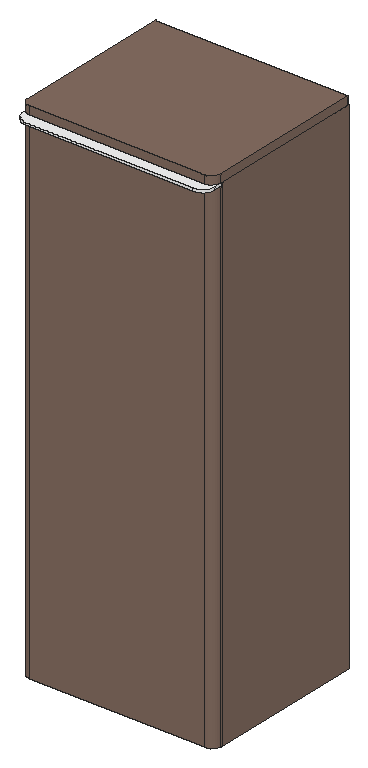
Revit family "mid-height cabinet, door hinge", category Furniture, Revit 2019
Family settings
  OmniClass Number = 23.21.19.15.33.13
  Work Plane-Based = No
  Always vertical = Yes
  Cut with Voids When Loaded = No
  Shared = Yes
  Room Calculation Point = No
Parameters (values of type "Mid-height cabinet 400_350, door hinge left-54130700-Dark Walnut-MATT_WHITE-400")
  etim7_EC011381 = "EC011381"
  WEIGHT = "25.3"
  UNSPSC = "56 | Furniture and Furnishings"
  UNIFORMATII = "E2010 | Fixed Furnishings"
  UNICLASS_2015_CODE = "40_30_78_05"
  UNICLASS2015 = "Pr_40_30_78_05 | Bathroom furniture"
  SURFACE = "MATT_WHITE"
  SPECIFICATION = "Surfaces:    - 54130000 Chrome  - 54130670 Matt Black  - 54130700 Matt White      Specification:"
  REGIONSET = "Worldwide"
  PRODUCTURL = "https://pro.hansgrohe.com/articledetail--54130000"
  PRODUCTGROUP = "bathroom vanity"
  PRODUCTFAMILY = "Xelu Q"
  PERMALINK = "54130XXX"
  OMNICLASS = "23-21 19 15 33 13 | Residential Bathroom Specialty Casework"
  OBJECTTYPE = "Object (single object)"
  OBERFLAECHE = "Dark Walnut"
  NN = "Mid-height cabinet, door hinge"
  NBSYN = "$BASENUMBER.-$ARTNR.-$OBERFLAECHE.-$SURFACE.-$LODLEVEL."
  NB = "Mid-height cabinet 400/350, door hinge left-54130700-Dark Walnut-MATT_WHITE-400"
  NAME = "Xelu Q Mid-height cabinet Dark Walnut 400/350, door hinge left"
  Model = "Mid-height cabinet 400/350, door hinge left-54130700-Dark Walnut-MATT_WHITE-400"
  Mid-height cabinet 400_350, door hinge right-54134700-Dark Walnut-MATT_WHITE-400_RX0RY0RZ0TX0TY0TZ0_V = no
  Mid-height cabinet 400_350, door hinge right-54134700-Dark Walnut-MATT_WHITE-200_RX0RY0RZ0TX0TY0TZ0_V = no
  Mid-height cabinet 400_350, door hinge right-54134670-Dark Walnut-MATT_BLACK-400_RX0RY0RZ0TX0TY0TZ0_V = no
  Mid-height cabinet 400_350, door hinge right-54134670-Dark Walnut-MATT_BLACK-200_RX0RY0RZ0TX0TY0TZ0_V = no
  Mid-height cabinet 400_350, door hinge right-54134000-Dark Walnut-CHROME-400_RX0RY0RZ0TX0TY0TZ0_V = no
  Mid-height cabinet 400_350, door hinge right-54134000-Dark Walnut-CHROME-200_RX0RY0RZ0TX0TY0TZ0_V = no
  Mid-height cabinet 400_350, door hinge right-54133700-Natural Oak-MATT_WHITE-400_RX0RY0RZ0TX0TY0TZ0_V = no
  Mid-height cabinet 400_350, door hinge right-54133700-Natural Oak-MATT_WHITE-200_RX0RY0RZ0TX0TY0TZ0_V = no
  Mid-height cabinet 400_350, door hinge right-54133670-Natural Oak-MATT_BLACK-400_RX0RY0RZ0TX0TY0TZ0_V = no
  Mid-height cabinet 400_350, door hinge right-54133670-Natural Oak-MATT_BLACK-200_RX0RY0RZ0TX0TY0TZ0_V = no
  Mid-height cabinet 400_350, door hinge right-54133000-Natural Oak-CHROME-400_RX0RY0RZ0TX0TY0TZ0_V = no
  Mid-height cabinet 400_350, door hinge right-54133000-Natural Oak-CHROME-200_RX0RY0RZ0TX0TY0TZ0_V = no
  Mid-height cabinet 400_350, door hinge right-54132700-Diamond Matt Grey-MATT_WHITE-400_RX0RY0RZ0TX0TY0TZ0_V = no
  Mid-height cabinet 400_350, door hinge right-54132700-Diamond Matt Grey-MATT_WHITE-200_RX0RY0RZ0TX0TY0TZ0_V = no
  Mid-height cabinet 400_350, door hinge right-54132670-Diamond Matt Grey-MATT_BLACK-400_RX0RY0RZ0TX0TY0TZ0_V = no
  Mid-height cabinet 400_350, door hinge right-54132670-Diamond Matt Grey-MATT_BLACK-200_RX0RY0RZ0TX0TY0TZ0_V = no
  Mid-height cabinet 400_350, door hinge right-54132000-Diamond Matt Grey-CHROME-400_RX0RY0RZ0TX0TY0TZ0_V = no
  Mid-height cabinet 400_350, door hinge right-54132000-Diamond Matt Grey-CHROME-200_RX0RY0RZ0TX0TY0TZ0_V = no
  Mid-height cabinet 400_350, door hinge right-54131700-High Gloss White-MATT_WHITE-400_RX0RY0RZ0TX0TY0TZ0_V = no
  Mid-height cabinet 400_350, door hinge right-54131700-High Gloss White-MATT_WHITE-200_RX0RY0RZ0TX0TY0TZ0_V = no
  Mid-height cabinet 400_350, door hinge right-54131670-High Gloss White-MATT_BLACK-400_RX0RY0RZ0TX0TY0TZ0_V = no
  Mid-height cabinet 400_350, door hinge right-54131670-High Gloss White-MATT_BLACK-200_RX0RY0RZ0TX0TY0TZ0_V = no
  Mid-height cabinet 400_350, door hinge right-54131000-High Gloss White-CHROME-400_RX0RY0RZ0TX0TY0TZ0_V = no
  Mid-height cabinet 400_350, door hinge right-54131000-High Gloss White-CHROME-200_RX0RY0RZ0TX0TY0TZ0_V = no
  Mid-height cabinet 400_350, door hinge left-54130700-Dark Walnut-MATT_WHITE-400_RX0RY0RZ0TX0TY0TZ0_V = yes
  Mid-height cabinet 400_350, door hinge left-54130700-Dark Walnut-MATT_WHITE-200_RX0RY0RZ0TX0TY0TZ0_V = no
  Mid-height cabinet 400_350, door hinge left-54130670-Dark Walnut-MATT_BLACK-400_RX0RY0RZ0TX0TY0TZ0_V = no
  Mid-height cabinet 400_350, door hinge left-54130670-Dark Walnut-MATT_BLACK-200_RX0RY0RZ0TX0TY0TZ0_V = no
  Mid-height cabinet 400_350, door hinge left-54130000-Dark Walnut-CHROME-400_RX0RY0RZ0TX0TY0TZ0_V = no
  Mid-height cabinet 400_350, door hinge left-54130000-Dark Walnut-CHROME-200_RX0RY0RZ0TX0TY0TZ0_V = no
  Mid-height cabinet 400_350, door hinge left-54129700-Natural Oak-MATT_WHITE-400_RX0RY0RZ0TX0TY0TZ0_V = no
  Mid-height cabinet 400_350, door hinge left-54129700-Natural Oak-MATT_WHITE-200_RX0RY0RZ0TX0TY0TZ0_V = no
  Mid-height cabinet 400_350, door hinge left-54129670-Natural Oak-MATT_BLACK-400_RX0RY0RZ0TX0TY0TZ0_V = no
  Mid-height cabinet 400_350, door hinge left-54129670-Natural Oak-MATT_BLACK-200_RX0RY0RZ0TX0TY0TZ0_V = no
  Mid-height cabinet 400_350, door hinge left-54129000-Natural Oak-CHROME-400_RX0RY0RZ0TX0TY0TZ0_V = no
  Mid-height cabinet 400_350, door hinge left-54129000-Natural Oak-CHROME-200_RX0RY0RZ0TX0TY0TZ0_V = no
  Mid-height cabinet 400_350, door hinge left-54128700-Diamond Matt Grey-MATT_WHITE-400_RX0RY0RZ0TX0TY0TZ0_V = no
  Mid-height cabinet 400_350, door hinge left-54128700-Diamond Matt Grey-MATT_WHITE-200_RX0RY0RZ0TX0TY0TZ0_V = no
  Mid-height cabinet 400_350, door hinge left-54128670-Diamond Matt Grey-MATT_BLACK-400_RX0RY0RZ0TX0TY0TZ0_V = no
  Mid-height cabinet 400_350, door hinge left-54128670-Diamond Matt Grey-MATT_BLACK-200_RX0RY0RZ0TX0TY0TZ0_V = no
  Mid-height cabinet 400_350, door hinge left-54128000-Diamond Matt Grey-CHROME-400_RX0RY0RZ0TX0TY0TZ0_V = no
  Mid-height cabinet 400_350, door hinge left-54128000-Diamond Matt Grey-CHROME-200_RX0RY0RZ0TX0TY0TZ0_V = no
  Mid-height cabinet 400_350, door hinge left-54127700-High Gloss White-MATT_WHITE-400_RX0RY0RZ0TX0TY0TZ0_V = no
  Mid-height cabinet 400_350, door hinge left-54127700-High Gloss White-MATT_WHITE-200_RX0RY0RZ0TX0TY0TZ0_V = no
  Mid-height cabinet 400_350, door hinge left-54127670-High Gloss White-MATT_BLACK-400_RX0RY0RZ0TX0TY0TZ0_V = no
  Mid-height cabinet 400_350, door hinge left-54127670-High Gloss White-MATT_BLACK-200_RX0RY0RZ0TX0TY0TZ0_V = no
  Mid-height cabinet 400_350, door hinge left-54127000-High Gloss White-CHROME-400_RX0RY0RZ0TX0TY0TZ0_V = no
  Mid-height cabinet 400_350, door hinge left-54127000-High Gloss White-CHROME-200_RX0RY0RZ0TX0TY0TZ0_V = no
  Manufacturer = "Hansgrohe"
  MIdent = "{$CADENAS_DATA/23d-libs/hansgrohe/xelu_furniture/mid-height_cabinet_door_hinge/mid-height_cabinet_door_hinge.prj},331 {VTYP=3D},{NB=Mid-height cabinet 400/350, door hinge left-54130700-Dark Walnut-MATT_WHITE-400},{LINA=Mid-height cabinet 400/350, door hinge left-54130700-Dark Walnut-MATT_WHITE-400},{NN=Mid-height cabinet, door hinge},{DATE=13.03.2023 02:22:41},{GEOMDATE=13.03.2023 02:22:00},{VERSION=},{LINEID=120},{WBVAR=LODLEVEL},{WBNUMERIC=}  {NB=Mid-height cabinet 400/350, door hinge left-54130700-Dark Walnut-MATT_WHITE-400},{LINA=Mid-height cabinet 400/350, door hinge left-54130700-Dark Walnut-MATT_WHITE-400},{KT=DUMMY},{IDNR=12},{ARTNR=54130700},{BASENUMBER=Mid-height cabinet 400/350, door hinge left},{MODEL=54130XXX},{OBERFLAECHE=Dark Walnut},{SURFACE=MATT_WHITE},{L=400},{LODLEVEL=400},{LODLEVELX='400','400','200','200'},{NAME=Xelu Q Mid-height cabinet Dark Walnut 400/350, door hinge left},{PERMALINK=54130XXX},{OBJECTTYPE=Object (single object)},{BIMOBJECT=Sanitary: Compound units},{PRODUCTFAMILY=Xelu Q},{PRODUCTGROUP=bathroom vanity},{WEIGHT=25.3},{DESCRIPTION=Xelu Q Mid-height cabinet Dark Walnut 400/350, door hinge left},{SPECIFICATION=Surfaces:    - 54130000 Chrome  - 54130670 Matt Black  - 54130700 Matt White      Specification:},{PRODUCTURL=https://pro.hansgrohe.com/articledetail--54130000},{GTINCODE=4059625458082},{TENDERURL=},{IFC=Furnishing element},{ETIM=EC011381 | Bathroom furniture set},{UNICLASS2015=Pr_40_30_78_05 | Bathroom furniture},{OMNICLASS=23-21 19 15 33 13 | Residential Bathroom Specialty Casework},{MASTERFORMAT=12 35 30.23 | Bathroom Casework},{UNSPSC=56 | Furniture and Furnishings},{UNIFORMATII=E2010 | Fixed Furnishings},{REGIONSET=Worldwide},{DESIGN=Germany},{MANUFACTURER=Germany}"
  MASTERFORMAT = "12 35 30.23 | Bathroom Casework"
  LODLEVEL = "400"
  LINA = "Mid-height cabinet 400/350, door hinge left-54130700-Dark Walnut-MATT_WHITE-400"
  L = 400
  IFC = "Furnishing element"
  GTINCODE = "4059625458082"
  ETIM = "EC011381 | Bathroom furniture set"
  DESIGN = "Germany"
  CATALOG = "Hansgrohe"
  BIMOBJECT = "Sanitary: Compound units"
  BASENUMBER = "Mid-height cabinet 400/350, door hinge left"
  ARTNR = "54130700"
Reference planes
  plane 1 "Center (Front/Back)": y = 0
  plane 2: z = 0
  plane 3 "Center (Left/Right)": x = 0
Dimensions and locks
  aligned and locked: level to plane 2
Nested families
  nested 1: "mid-height cabinet 400_350, door hinge left-54127000-high gloss white-chrome-200_content" at (0, 0, 0), visible <- "Mid-height cabinet 400_350, door hinge left-54127000-High Gloss White-CHROME-200_RX0RY0RZ0TX0TY0TZ0_V", ContentVisible <- "Mid-height cabinet 400_350, door hinge left-54127000-High Gloss White-CHROME-200_RX0RY0RZ0TX0TY0TZ0_V", type ""
    with ContentVisible no
  nested 2: "mid-height cabinet 400_350, door hinge left-54127000-high gloss white-chrome-400_content" at (0, 0, 0), visible <- "Mid-height cabinet 400_350, door hinge left-54127000-High Gloss White-CHROME-400_RX0RY0RZ0TX0TY0TZ0_V", ContentVisible <- "Mid-height cabinet 400_350, door hinge left-54127000-High Gloss White-CHROME-400_RX0RY0RZ0TX0TY0TZ0_V", type ""
    with ContentVisible no
  nested 3: "mid-height cabinet 400_350, door hinge left-54127670-high gloss white-matt_black-200_content" at (0, 0, 0), visible <- "Mid-height cabinet 400_350, door hinge left-54127670-High Gloss White-MATT_BLACK-200_RX0RY0RZ0TX0TY0TZ0_V", ContentVisible <- "Mid-height cabinet 400_350, door hinge left-54127670-High Gloss White-MATT_BLACK-200_RX0RY0RZ0TX0TY0TZ0_V", type ""
    with ContentVisible no
  nested 4: "mid-height cabinet 400_350, door hinge left-54127670-high gloss white-matt_black-400_content" at (0, 0, 0), visible <- "Mid-height cabinet 400_350, door hinge left-54127670-High Gloss White-MATT_BLACK-400_RX0RY0RZ0TX0TY0TZ0_V", ContentVisible <- "Mid-height cabinet 400_350, door hinge left-54127670-High Gloss White-MATT_BLACK-400_RX0RY0RZ0TX0TY0TZ0_V", type ""
    with ContentVisible no
  nested 5: "mid-height cabinet 400_350, door hinge left-54127700-high gloss white-matt_white-200_content" at (0, 0, 0), visible <- "Mid-height cabinet 400_350, door hinge left-54127700-High Gloss White-MATT_WHITE-200_RX0RY0RZ0TX0TY0TZ0_V", ContentVisible <- "Mid-height cabinet 400_350, door hinge left-54127700-High Gloss White-MATT_WHITE-200_RX0RY0RZ0TX0TY0TZ0_V", type ""
    with ContentVisible no
  nested 6: "mid-height cabinet 400_350, door hinge left-54127700-high gloss white-matt_white-400_content" at (0, 0, 0), visible <- "Mid-height cabinet 400_350, door hinge left-54127700-High Gloss White-MATT_WHITE-400_RX0RY0RZ0TX0TY0TZ0_V", ContentVisible <- "Mid-height cabinet 400_350, door hinge left-54127700-High Gloss White-MATT_WHITE-400_RX0RY0RZ0TX0TY0TZ0_V", type ""
    with ContentVisible no
  nested 7: "mid-height cabinet 400_350, door hinge left-54128000-diamond matt grey-chrome-200_content" at (0, 0, 0), visible <- "Mid-height cabinet 400_350, door hinge left-54128000-Diamond Matt Grey-CHROME-200_RX0RY0RZ0TX0TY0TZ0_V", ContentVisible <- "Mid-height cabinet 400_350, door hinge left-54128000-Diamond Matt Grey-CHROME-200_RX0RY0RZ0TX0TY0TZ0_V", type ""
    with ContentVisible no
  nested 8: "mid-height cabinet 400_350, door hinge left-54128000-diamond matt grey-chrome-400_content" at (0, 0, 0), visible <- "Mid-height cabinet 400_350, door hinge left-54128000-Diamond Matt Grey-CHROME-400_RX0RY0RZ0TX0TY0TZ0_V", ContentVisible <- "Mid-height cabinet 400_350, door hinge left-54128000-Diamond Matt Grey-CHROME-400_RX0RY0RZ0TX0TY0TZ0_V", type ""
    with ContentVisible no
  nested 9: "mid-height cabinet 400_350, door hinge left-54128670-diamond matt grey-matt_black-200_content" at (0, 0, 0), visible <- "Mid-height cabinet 400_350, door hinge left-54128670-Diamond Matt Grey-MATT_BLACK-200_RX0RY0RZ0TX0TY0TZ0_V", ContentVisible <- "Mid-height cabinet 400_350, door hinge left-54128670-Diamond Matt Grey-MATT_BLACK-200_RX0RY0RZ0TX0TY0TZ0_V", type ""
    with ContentVisible no
  nested 10: "mid-height cabinet 400_350, door hinge left-54128670-diamond matt grey-matt_black-400_content" at (0, 0, 0), visible <- "Mid-height cabinet 400_350, door hinge left-54128670-Diamond Matt Grey-MATT_BLACK-400_RX0RY0RZ0TX0TY0TZ0_V", ContentVisible <- "Mid-height cabinet 400_350, door hinge left-54128670-Diamond Matt Grey-MATT_BLACK-400_RX0RY0RZ0TX0TY0TZ0_V", type ""
    with ContentVisible no
  nested 11: "mid-height cabinet 400_350, door hinge left-54128700-diamond matt grey-matt_white-200_content" at (0, 0, 0), visible <- "Mid-height cabinet 400_350, door hinge left-54128700-Diamond Matt Grey-MATT_WHITE-200_RX0RY0RZ0TX0TY0TZ0_V", ContentVisible <- "Mid-height cabinet 400_350, door hinge left-54128700-Diamond Matt Grey-MATT_WHITE-200_RX0RY0RZ0TX0TY0TZ0_V", type ""
    with ContentVisible no
  nested 12: "mid-height cabinet 400_350, door hinge left-54128700-diamond matt grey-matt_white-400_content" at (0, 0, 0), visible <- "Mid-height cabinet 400_350, door hinge left-54128700-Diamond Matt Grey-MATT_WHITE-400_RX0RY0RZ0TX0TY0TZ0_V", ContentVisible <- "Mid-height cabinet 400_350, door hinge left-54128700-Diamond Matt Grey-MATT_WHITE-400_RX0RY0RZ0TX0TY0TZ0_V", type ""
    with ContentVisible no
  nested 13: "mid-height cabinet 400_350, door hinge left-54129000-natural oak-chrome-200_content" at (0, 0, 0), visible <- "Mid-height cabinet 400_350, door hinge left-54129000-Natural Oak-CHROME-200_RX0RY0RZ0TX0TY0TZ0_V", ContentVisible <- "Mid-height cabinet 400_350, door hinge left-54129000-Natural Oak-CHROME-200_RX0RY0RZ0TX0TY0TZ0_V", type ""
    with ContentVisible no
  nested 14: "mid-height cabinet 400_350, door hinge left-54129000-natural oak-chrome-400_content" at (0, 0, 0), visible <- "Mid-height cabinet 400_350, door hinge left-54129000-Natural Oak-CHROME-400_RX0RY0RZ0TX0TY0TZ0_V", ContentVisible <- "Mid-height cabinet 400_350, door hinge left-54129000-Natural Oak-CHROME-400_RX0RY0RZ0TX0TY0TZ0_V", type ""
    with ContentVisible no
  nested 15: "mid-height cabinet 400_350, door hinge left-54129670-natural oak-matt_black-200_content" at (0, 0, 0), visible <- "Mid-height cabinet 400_350, door hinge left-54129670-Natural Oak-MATT_BLACK-200_RX0RY0RZ0TX0TY0TZ0_V", ContentVisible <- "Mid-height cabinet 400_350, door hinge left-54129670-Natural Oak-MATT_BLACK-200_RX0RY0RZ0TX0TY0TZ0_V", type ""
    with ContentVisible no
  nested 16: "mid-height cabinet 400_350, door hinge left-54129670-natural oak-matt_black-400_content" at (0, 0, 0), visible <- "Mid-height cabinet 400_350, door hinge left-54129670-Natural Oak-MATT_BLACK-400_RX0RY0RZ0TX0TY0TZ0_V", ContentVisible <- "Mid-height cabinet 400_350, door hinge left-54129670-Natural Oak-MATT_BLACK-400_RX0RY0RZ0TX0TY0TZ0_V", type ""
    with ContentVisible no
  nested 17: "mid-height cabinet 400_350, door hinge left-54129700-natural oak-matt_white-200_content" at (0, 0, 0), visible <- "Mid-height cabinet 400_350, door hinge left-54129700-Natural Oak-MATT_WHITE-200_RX0RY0RZ0TX0TY0TZ0_V", ContentVisible <- "Mid-height cabinet 400_350, door hinge left-54129700-Natural Oak-MATT_WHITE-200_RX0RY0RZ0TX0TY0TZ0_V", type ""
    with ContentVisible no
  nested 18: "mid-height cabinet 400_350, door hinge left-54129700-natural oak-matt_white-400_content" at (0, 0, 0), visible <- "Mid-height cabinet 400_350, door hinge left-54129700-Natural Oak-MATT_WHITE-400_RX0RY0RZ0TX0TY0TZ0_V", ContentVisible <- "Mid-height cabinet 400_350, door hinge left-54129700-Natural Oak-MATT_WHITE-400_RX0RY0RZ0TX0TY0TZ0_V", type ""
    with ContentVisible no
  nested 19: "mid-height cabinet 400_350, door hinge left-54130000-dark walnut-chrome-200_content" at (0, 0, 0), visible <- "Mid-height cabinet 400_350, door hinge left-54130000-Dark Walnut-CHROME-200_RX0RY0RZ0TX0TY0TZ0_V", ContentVisible <- "Mid-height cabinet 400_350, door hinge left-54130000-Dark Walnut-CHROME-200_RX0RY0RZ0TX0TY0TZ0_V", type ""
    with ContentVisible no
  nested 20: "mid-height cabinet 400_350, door hinge left-54130000-dark walnut-chrome-400_content" at (0, 0, 0), visible <- "Mid-height cabinet 400_350, door hinge left-54130000-Dark Walnut-CHROME-400_RX0RY0RZ0TX0TY0TZ0_V", ContentVisible <- "Mid-height cabinet 400_350, door hinge left-54130000-Dark Walnut-CHROME-400_RX0RY0RZ0TX0TY0TZ0_V", type ""
    with ContentVisible no
  nested 21: "mid-height cabinet 400_350, door hinge left-54130670-dark walnut-matt_black-200_content" at (0, 0, 0), visible <- "Mid-height cabinet 400_350, door hinge left-54130670-Dark Walnut-MATT_BLACK-200_RX0RY0RZ0TX0TY0TZ0_V", ContentVisible <- "Mid-height cabinet 400_350, door hinge left-54130670-Dark Walnut-MATT_BLACK-200_RX0RY0RZ0TX0TY0TZ0_V", type ""
    with ContentVisible no
  nested 22: "mid-height cabinet 400_350, door hinge left-54130670-dark walnut-matt_black-400_content" at (0, 0, 0), visible <- "Mid-height cabinet 400_350, door hinge left-54130670-Dark Walnut-MATT_BLACK-400_RX0RY0RZ0TX0TY0TZ0_V", ContentVisible <- "Mid-height cabinet 400_350, door hinge left-54130670-Dark Walnut-MATT_BLACK-400_RX0RY0RZ0TX0TY0TZ0_V", type ""
    with ContentVisible no
  nested 23: "mid-height cabinet 400_350, door hinge left-54130700-dark walnut-matt_white-200_content" at (0, 0, 0), visible <- "Mid-height cabinet 400_350, door hinge left-54130700-Dark Walnut-MATT_WHITE-200_RX0RY0RZ0TX0TY0TZ0_V", ContentVisible <- "Mid-height cabinet 400_350, door hinge left-54130700-Dark Walnut-MATT_WHITE-200_RX0RY0RZ0TX0TY0TZ0_V", type ""
    with ContentVisible no
  nested 24: "mid-height cabinet 400_350, door hinge left-54130700-dark walnut-matt_white-400_content" at (0, 0, 0), visible <- "Mid-height cabinet 400_350, door hinge left-54130700-Dark Walnut-MATT_WHITE-400_RX0RY0RZ0TX0TY0TZ0_V", ContentVisible <- "Mid-height cabinet 400_350, door hinge left-54130700-Dark Walnut-MATT_WHITE-400_RX0RY0RZ0TX0TY0TZ0_V", type "Mid-height cabinet 400_350, door hinge left-54130700-Dark Walnut-MATT_WHITE-400_Content"
    with ContentVisible yes
  nested 25: "mid-height cabinet 400_350, door hinge right-54131000-high gloss white-chrome-200_content" at (0, 0, 0), visible <- "Mid-height cabinet 400_350, door hinge right-54131000-High Gloss White-CHROME-200_RX0RY0RZ0TX0TY0TZ0_V", ContentVisible <- "Mid-height cabinet 400_350, door hinge right-54131000-High Gloss White-CHROME-200_RX0RY0RZ0TX0TY0TZ0_V", type ""
    with ContentVisible no
  nested 26: "mid-height cabinet 400_350, door hinge right-54131000-high gloss white-chrome-400_content" at (0, 0, 0), visible <- "Mid-height cabinet 400_350, door hinge right-54131000-High Gloss White-CHROME-400_RX0RY0RZ0TX0TY0TZ0_V", ContentVisible <- "Mid-height cabinet 400_350, door hinge right-54131000-High Gloss White-CHROME-400_RX0RY0RZ0TX0TY0TZ0_V", type ""
    with ContentVisible no
  nested 27: "mid-height cabinet 400_350, door hinge right-54131670-high gloss white-matt_black-200_content" at (0, 0, 0), visible <- "Mid-height cabinet 400_350, door hinge right-54131670-High Gloss White-MATT_BLACK-200_RX0RY0RZ0TX0TY0TZ0_V", ContentVisible <- "Mid-height cabinet 400_350, door hinge right-54131670-High Gloss White-MATT_BLACK-200_RX0RY0RZ0TX0TY0TZ0_V", type ""
    with ContentVisible no
  nested 28: "mid-height cabinet 400_350, door hinge right-54131670-high gloss white-matt_black-400_content" at (0, 0, 0), visible <- "Mid-height cabinet 400_350, door hinge right-54131670-High Gloss White-MATT_BLACK-400_RX0RY0RZ0TX0TY0TZ0_V", ContentVisible <- "Mid-height cabinet 400_350, door hinge right-54131670-High Gloss White-MATT_BLACK-400_RX0RY0RZ0TX0TY0TZ0_V", type ""
    with ContentVisible no
  nested 29: "mid-height cabinet 400_350, door hinge right-54131700-high gloss white-matt_white-200_content" at (0, 0, 0), visible <- "Mid-height cabinet 400_350, door hinge right-54131700-High Gloss White-MATT_WHITE-200_RX0RY0RZ0TX0TY0TZ0_V", ContentVisible <- "Mid-height cabinet 400_350, door hinge right-54131700-High Gloss White-MATT_WHITE-200_RX0RY0RZ0TX0TY0TZ0_V", type ""
    with ContentVisible no
  nested 30: "mid-height cabinet 400_350, door hinge right-54131700-high gloss white-matt_white-400_content" at (0, 0, 0), visible <- "Mid-height cabinet 400_350, door hinge right-54131700-High Gloss White-MATT_WHITE-400_RX0RY0RZ0TX0TY0TZ0_V", ContentVisible <- "Mid-height cabinet 400_350, door hinge right-54131700-High Gloss White-MATT_WHITE-400_RX0RY0RZ0TX0TY0TZ0_V", type ""
    with ContentVisible no
  nested 31: "mid-height cabinet 400_350, door hinge right-54132000-diamond matt grey-chrome-200_content" at (0, 0, 0), visible <- "Mid-height cabinet 400_350, door hinge right-54132000-Diamond Matt Grey-CHROME-200_RX0RY0RZ0TX0TY0TZ0_V", ContentVisible <- "Mid-height cabinet 400_350, door hinge right-54132000-Diamond Matt Grey-CHROME-200_RX0RY0RZ0TX0TY0TZ0_V", type ""
    with ContentVisible no
  nested 32: "mid-height cabinet 400_350, door hinge right-54132000-diamond matt grey-chrome-400_content" at (0, 0, 0), visible <- "Mid-height cabinet 400_350, door hinge right-54132000-Diamond Matt Grey-CHROME-400_RX0RY0RZ0TX0TY0TZ0_V", ContentVisible <- "Mid-height cabinet 400_350, door hinge right-54132000-Diamond Matt Grey-CHROME-400_RX0RY0RZ0TX0TY0TZ0_V", type ""
    with ContentVisible no
  nested 33: "mid-height cabinet 400_350, door hinge right-54132670-diamond matt grey-matt_black-200_content" at (0, 0, 0), visible <- "Mid-height cabinet 400_350, door hinge right-54132670-Diamond Matt Grey-MATT_BLACK-200_RX0RY0RZ0TX0TY0TZ0_V", ContentVisible <- "Mid-height cabinet 400_350, door hinge right-54132670-Diamond Matt Grey-MATT_BLACK-200_RX0RY0RZ0TX0TY0TZ0_V", type ""
    with ContentVisible no
  nested 34: "mid-height cabinet 400_350, door hinge right-54132670-diamond matt grey-matt_black-400_content" at (0, 0, 0), visible <- "Mid-height cabinet 400_350, door hinge right-54132670-Diamond Matt Grey-MATT_BLACK-400_RX0RY0RZ0TX0TY0TZ0_V", ContentVisible <- "Mid-height cabinet 400_350, door hinge right-54132670-Diamond Matt Grey-MATT_BLACK-400_RX0RY0RZ0TX0TY0TZ0_V", type ""
    with ContentVisible no
  nested 35: "mid-height cabinet 400_350, door hinge right-54132700-diamond matt grey-matt_white-200_content" at (0, 0, 0), visible <- "Mid-height cabinet 400_350, door hinge right-54132700-Diamond Matt Grey-MATT_WHITE-200_RX0RY0RZ0TX0TY0TZ0_V", ContentVisible <- "Mid-height cabinet 400_350, door hinge right-54132700-Diamond Matt Grey-MATT_WHITE-200_RX0RY0RZ0TX0TY0TZ0_V", type ""
    with ContentVisible no
  nested 36: "mid-height cabinet 400_350, door hinge right-54132700-diamond matt grey-matt_white-400_content" at (0, 0, 0), visible <- "Mid-height cabinet 400_350, door hinge right-54132700-Diamond Matt Grey-MATT_WHITE-400_RX0RY0RZ0TX0TY0TZ0_V", ContentVisible <- "Mid-height cabinet 400_350, door hinge right-54132700-Diamond Matt Grey-MATT_WHITE-400_RX0RY0RZ0TX0TY0TZ0_V", type ""
    with ContentVisible no
  nested 37: "mid-height cabinet 400_350, door hinge right-54133000-natural oak-chrome-200_content" at (0, 0, 0), visible <- "Mid-height cabinet 400_350, door hinge right-54133000-Natural Oak-CHROME-200_RX0RY0RZ0TX0TY0TZ0_V", ContentVisible <- "Mid-height cabinet 400_350, door hinge right-54133000-Natural Oak-CHROME-200_RX0RY0RZ0TX0TY0TZ0_V", type ""
    with ContentVisible no
  nested 38: "mid-height cabinet 400_350, door hinge right-54133000-natural oak-chrome-400_content" at (0, 0, 0), visible <- "Mid-height cabinet 400_350, door hinge right-54133000-Natural Oak-CHROME-400_RX0RY0RZ0TX0TY0TZ0_V", ContentVisible <- "Mid-height cabinet 400_350, door hinge right-54133000-Natural Oak-CHROME-400_RX0RY0RZ0TX0TY0TZ0_V", type ""
    with ContentVisible no
  nested 39: "mid-height cabinet 400_350, door hinge right-54133670-natural oak-matt_black-200_content" at (0, 0, 0), visible <- "Mid-height cabinet 400_350, door hinge right-54133670-Natural Oak-MATT_BLACK-200_RX0RY0RZ0TX0TY0TZ0_V", ContentVisible <- "Mid-height cabinet 400_350, door hinge right-54133670-Natural Oak-MATT_BLACK-200_RX0RY0RZ0TX0TY0TZ0_V", type ""
    with ContentVisible no
  nested 40: "mid-height cabinet 400_350, door hinge right-54133670-natural oak-matt_black-400_content" at (0, 0, 0), visible <- "Mid-height cabinet 400_350, door hinge right-54133670-Natural Oak-MATT_BLACK-400_RX0RY0RZ0TX0TY0TZ0_V", ContentVisible <- "Mid-height cabinet 400_350, door hinge right-54133670-Natural Oak-MATT_BLACK-400_RX0RY0RZ0TX0TY0TZ0_V", type ""
    with ContentVisible no
  nested 41: "mid-height cabinet 400_350, door hinge right-54133700-natural oak-matt_white-200_content" at (0, 0, 0), visible <- "Mid-height cabinet 400_350, door hinge right-54133700-Natural Oak-MATT_WHITE-200_RX0RY0RZ0TX0TY0TZ0_V", ContentVisible <- "Mid-height cabinet 400_350, door hinge right-54133700-Natural Oak-MATT_WHITE-200_RX0RY0RZ0TX0TY0TZ0_V", type ""
    with ContentVisible no
  nested 42: "mid-height cabinet 400_350, door hinge right-54133700-natural oak-matt_white-400_content" at (0, 0, 0), visible <- "Mid-height cabinet 400_350, door hinge right-54133700-Natural Oak-MATT_WHITE-400_RX0RY0RZ0TX0TY0TZ0_V", ContentVisible <- "Mid-height cabinet 400_350, door hinge right-54133700-Natural Oak-MATT_WHITE-400_RX0RY0RZ0TX0TY0TZ0_V", type ""
    with ContentVisible no
  nested 43: "mid-height cabinet 400_350, door hinge right-54134000-dark walnut-chrome-200_content" at (0, 0, 0), visible <- "Mid-height cabinet 400_350, door hinge right-54134000-Dark Walnut-CHROME-200_RX0RY0RZ0TX0TY0TZ0_V", ContentVisible <- "Mid-height cabinet 400_350, door hinge right-54134000-Dark Walnut-CHROME-200_RX0RY0RZ0TX0TY0TZ0_V", type ""
    with ContentVisible no
  nested 44: "mid-height cabinet 400_350, door hinge right-54134000-dark walnut-chrome-400_content" at (0, 0, 0), visible <- "Mid-height cabinet 400_350, door hinge right-54134000-Dark Walnut-CHROME-400_RX0RY0RZ0TX0TY0TZ0_V", ContentVisible <- "Mid-height cabinet 400_350, door hinge right-54134000-Dark Walnut-CHROME-400_RX0RY0RZ0TX0TY0TZ0_V", type ""
    with ContentVisible no
  nested 45: "mid-height cabinet 400_350, door hinge right-54134670-dark walnut-matt_black-200_content" at (0, 0, 0), visible <- "Mid-height cabinet 400_350, door hinge right-54134670-Dark Walnut-MATT_BLACK-200_RX0RY0RZ0TX0TY0TZ0_V", ContentVisible <- "Mid-height cabinet 400_350, door hinge right-54134670-Dark Walnut-MATT_BLACK-200_RX0RY0RZ0TX0TY0TZ0_V", type ""
    with ContentVisible no
  nested 46: "mid-height cabinet 400_350, door hinge right-54134670-dark walnut-matt_black-400_content" at (0, 0, 0), visible <- "Mid-height cabinet 400_350, door hinge right-54134670-Dark Walnut-MATT_BLACK-400_RX0RY0RZ0TX0TY0TZ0_V", ContentVisible <- "Mid-height cabinet 400_350, door hinge right-54134670-Dark Walnut-MATT_BLACK-400_RX0RY0RZ0TX0TY0TZ0_V", type ""
    with ContentVisible no
  nested 47: "mid-height cabinet 400_350, door hinge right-54134700-dark walnut-matt_white-200_content" at (0, 0, 0), visible <- "Mid-height cabinet 400_350, door hinge right-54134700-Dark Walnut-MATT_WHITE-200_RX0RY0RZ0TX0TY0TZ0_V", ContentVisible <- "Mid-height cabinet 400_350, door hinge right-54134700-Dark Walnut-MATT_WHITE-200_RX0RY0RZ0TX0TY0TZ0_V", type ""
    with ContentVisible no
  nested 48: "mid-height cabinet 400_350, door hinge right-54134700-dark walnut-matt_white-400_content" at (0, 0, 0), visible <- "Mid-height cabinet 400_350, door hinge right-54134700-Dark Walnut-MATT_WHITE-400_RX0RY0RZ0TX0TY0TZ0_V", ContentVisible <- "Mid-height cabinet 400_350, door hinge right-54134700-Dark Walnut-MATT_WHITE-400_RX0RY0RZ0TX0TY0TZ0_V", type ""
    with ContentVisible no
Definition of nested family "mid-height cabinet 400_350, door hinge left-54130700-dark walnut-matt_white-400_content"
  Parameters (values of type "Mid-height cabinet 400_350, door hinge left-54130700-Dark Walnut-MATT_WHITE-400_Content")
    etim7_EC011381 = "EC011381"
    WEIGHT = "25.3"
    UNSPSC = "56 | Furniture and Furnishings"
    UNIFORMATII = "E2010 | Fixed Furnishings"
    UNICLASS_2015_CODE = "40_30_78_05"
    UNICLASS2015 = "Pr_40_30_78_05 | Bathroom furniture"
    SURFACE = "MATT_WHITE"
    SPECIFICATION = "Surfaces:    - 54130000 Chrome  - 54130670 Matt Black  - 54130700 Matt White      Specification:"
    REGIONSET = "Worldwide"
    PRODUCTURL = "https://pro.hansgrohe.com/articledetail--54130000"
    PRODUCTGROUP = "bathroom vanity"
    PRODUCTFAMILY = "Xelu Q"
    PERMALINK = "54130XXX"
    OMNICLASS = "23-21 19 15 33 13 | Residential Bathroom Specialty Casework"
    OBJECTTYPE = "Object (single object)"
    OBERFLAECHE = "Dark Walnut"
    NN = "Mid-height cabinet, door hinge"
    NBSYN = "$BASENUMBER.-$ARTNR.-$OBERFLAECHE.-$SURFACE.-$LODLEVEL."
    NB = "Mid-height cabinet 400/350, door hinge left-54130700-Dark Walnut-MATT_WHITE-400"
    NAME = "Xelu Q Mid-height cabinet Dark Walnut 400/350, door hinge left"
    Model = "Mid-height cabinet 400/350, door hinge left-54130700-Dark Walnut-MATT_WHITE-400"
    Manufacturer = "Hansgrohe"
    MASTERFORMAT = "12 35 30.23 | Bathroom Casework"
    LODLEVEL = "400"
    LINA = "Mid-height cabinet 400/350, door hinge left-54130700-Dark Walnut-MATT_WHITE-400"
    L = 400
    IFC = "Furnishing element"
    GTINCODE = "4059625458082"
    ETIM = "EC011381 | Bathroom furniture set"
    Default Elevation = 1219.2 mm
    DESIGN = "Germany"
    ContentVisible [instance] = yes
    CATALOG = "Hansgrohe"
    BIMOBJECT = "Sanitary: Compound units"
    BASENUMBER = "Mid-height cabinet 400/350, door hinge left"
    ARTNR = "54130700"
  Reference planes
    plane 1 "Center (Front/Back)": y = 0
    plane 2: z = 0
    plane 3 "Center (Left/Right)": x = 0
  Forms (mm)
    Extrusion 1, solid, visible <- "ContentVisible", detail levels medium+fine
      sketch origin (0, 0, 0) x (1, 0, 0) y (0, 1, 0)
        loop
          line (-200, 0) -> (-200, -325)
          arc (-200, -325) -> (-199.121, -327.121) -> (-197, -328) r 3
          line (-197, -328) -> (-184, -328) -> (-184, 0) -> (-200, 0)
      from 0 to 1050
    Extrusion 2, solid, visible <- "ContentVisible", detail levels medium+fine
      sketch origin (0, 0, 0) x (1, 0, 0) y (0, 1, 0)
        loop
          line (-184, -20) -> (-184, -327) -> (184, -327) -> (184, -20) -> (-184, -20)
      from 0 to 1050
    Extrusion 3, solid, visible <- "ContentVisible", detail levels medium+fine
      sketch origin (0, 0, 0) x (1, 0, 0) y (0, 1, 0)
        loop
          line (184, 0) -> (184, -328) -> (197, -328)
          arc (197, -328) -> (199.121, -327.121) -> (200, -325) r 3
          line (200, -325) -> (200, 0) -> (184, 0)
      from 0 to 1050
    Extrusion 4, solid, visible <- "ContentVisible", detail levels medium+fine
      sketch origin (0, 0, 2) x (1, 0, 0) y (0, 1, 0)
        loop
          line (-184, -16) -> (-184, -20) -> (184, -20) -> (184, -16) -> (-184, -16)
      from 0 to 1048
    Extrusion 5, solid, visible <- "ContentVisible", detail levels medium+fine
      sketch origin (0, 0, 2) x (1, 0, 0) y (0, 1, 0)
        loop
          arc (-200, -330) -> (-194.435, -343.435) -> (-181, -349) r 19
          line (-181, -349) -> (181, -349)
          arc (181, -349) -> (194.435, -343.435) -> (200, -330) r 19
          line (200, -330) -> (200, -328) -> (-200, -328) -> (-200, -330)
      from 0 to 1040
    Extrusion 6, solid, visible <- "ContentVisible", detail levels medium+fine
      sketch origin (0, 0, 1042) x (1, 0, 0) y (0, 1, 0)
        loop
          line (-198.5, -328) -> (-198.5, -344)
          arc (-198.5, -344) -> (-191.178, -361.678) -> (-173.5, -369) r 25
          line (-173.5, -369) -> (173.5, -369)
          arc (173.5, -369) -> (191.178, -361.678) -> (198.5, -344) r 25
          line (198.5, -344) -> (198.5, -328) -> (178.5, -328) -> (178.5, -326.5) -> (-178.5, -326.5) -> (-178.5, -328) -> (-198.5, -328)
      from 0 to 5
    Extrusion 7, solid, visible <- "ContentVisible", detail levels medium+fine
      sketch origin (0, 0, 1050) x (1, 0, 0) y (0, 1, 0)
        loop
          line (-200, -1.5) -> (-200, -331)
          arc (-200, -331) -> (-194.728, -343.728) -> (-182, -349) r 18
          line (-182, -349) -> (182, -349)
          arc (182, -349) -> (194.728, -343.728) -> (200, -331) r 18
          line (200, -331) -> (200, -1.5)
          arc (200, -1.5) -> (199.561, -0.439) -> (198.5, 0) r 1.5
          line (198.5, 0) -> (-198.5, 0)
          arc (-198.5, 0) -> (-199.561, -0.439) -> (-200, -1.5) r 1.5
      from 0 to 16
    Extrusion 8, solid, visible <- "ContentVisible", detail levels coarse
      sketch origin (0, -184.5, 0) x (1, 0, 0) y (0, 1, 0)
        loop
          line (-200, -184.5) -> (200, -184.5) -> (200, 184.5) -> (-200, 184.5) -> (-200, -184.5)
      from 0 to 1066
  Dimensions and locks
    aligned and locked: level to plane 2
Definition of nested family "mid-height cabinet 400_350, door hinge left-54127000-high gloss white-chrome-200_content"
  Parameters (values of type "Mid-height cabinet 400_350, door hinge left-54127000-High Gloss White-CHROME-200_Content")
    etim7_EC011381 = "EC011381"
    WEIGHT = "25.3"
    UNSPSC = "56 | Furniture and Furnishings"
    UNIFORMATII = "E2010 | Fixed Furnishings"
    UNICLASS_2015_CODE = "40_30_78_05"
    UNICLASS2015 = "Pr_40_30_78_05 | Bathroom furniture"
    SURFACE = "CHROME"
    SPECIFICATION = "Surfaces:    - 54127000 Chrome  - 54127670 Matt Black  - 54127700 Matt White      Specification:    • consists of: mid-height cabinet, glass shelves, cover plate   • material body: medium density fiberboard (MDF)   • surface material body: thermofoil   • material front: medium density fiberboard (MDF)   • surface material front: thermofoil   • material cover plate: high-density 3-ply chipboard   • surface material cover plate: laminate (HPL)   • wall-mounted  • 1 door  • door hinge: left   • with 2 adjustable glass shelves  • material shelves: glass   • with integrated handle bar  • opening type: door   • SoftClose, for gentle closing  • material handles: aluminium   • mounting condition: pre-mounted   • Aluminum frame in body color allows easy change of fronts  • edge material: ABS   • thickness cover plate: 16 mm"
    REGIONSET = "Worldwide"
    PRODUCTURL = "https://pro.hansgrohe.com/articledetail--54127000"
    PRODUCTGROUP = "bathroom vanity"
    PRODUCTFAMILY = "Xelu Q"
    PERMALINK = "54127XXX"
    OMNICLASS = "23-21 19 15 33 13 | Residential Bathroom Specialty Casework"
    OBJECTTYPE = "Object (single object)"
    OBERFLAECHE = "High Gloss White"
    NN = "Mid-height cabinet, door hinge"
    NBSYN = "$BASENUMBER.-$ARTNR.-$OBERFLAECHE.-$SURFACE.-$LODLEVEL."
    NB = "Mid-height cabinet 400/350, door hinge left-54127000-High Gloss White-CHROME-200"
    NAME = "Xelu Q Mid-height cabinet High Gloss White 400/350, door hinge left"
    Model = "Mid-height cabinet 400/350, door hinge left-54127000-High Gloss White-CHROME-200"
    Manufacturer = "Hansgrohe"
    MASTERFORMAT = "12 35 30.23 | Bathroom Casework"
    LODLEVEL = "200"
    LINA = "Mid-height cabinet 400/350, door hinge left-54127000-High Gloss White-CHROME-200"
    L = 400
    IFC = "Furnishing element"
    GTINCODE = "4059625458174"
    ETIM = "EC011381 | Bathroom furniture set"
    Default Elevation = 1219.2 mm
    DESIGN = "Germany"
    ContentVisible [instance] = yes
    CATALOG = "Hansgrohe"
    BIMOBJECT = "Sanitary: Compound units"
    BASENUMBER = "Mid-height cabinet 400/350, door hinge left"
    ARTNR = "54127000"
  Reference planes
    plane 1 "Center (Front/Back)": y = 0
    plane 2: z = 0
    plane 3 "Center (Left/Right)": x = 0
  Forms (mm)
    Extrusion 1, solid, visible <- "ContentVisible", detail levels medium+fine
      sketch origin (0, 0, 0) x (1, 0, 0) y (0, 1, 0)
        loop
          line (-200, 0) -> (-200, -349) -> (200, -349) -> (200, 0) -> (-200, 0)
      from 0 to 1066
    Extrusion 2, solid, visible <- "ContentVisible", detail levels medium+fine
      sketch origin (0, 0, 1042) x (1, 0, 0) y (0, 1, 0)
        loop
          line (-198.5, -328) -> (-198.5, -369) -> (198.5, -369) -> (198.5, -328) -> (178.5, -328) -> (178.5, -326.5) -> (-178.5, -326.5) -> (-178.5, -328) -> (-198.5, -328)
      from 0 to 5
    Extrusion 3, solid, visible <- "ContentVisible", detail levels coarse
      sketch origin (0, -184.5, 0) x (1, 0, 0) y (0, 1, 0)
        loop
          line (-200, -184.5) -> (200, -184.5) -> (200, 184.5) -> (-200, 184.5) -> (-200, -184.5)
      from 0 to 1066
  Dimensions and locks
    aligned and locked: level to plane 2
Definition of nested family "mid-height cabinet 400_350, door hinge left-54127000-high gloss white-chrome-400_content"
  Parameters (values of type "Mid-height cabinet 400_350, door hinge left-54127000-High Gloss White-CHROME-400_Content")
    etim7_EC011381 = "EC011381"
    WEIGHT = "25.3"
    UNSPSC = "56 | Furniture and Furnishings"
    UNIFORMATII = "E2010 | Fixed Furnishings"
    UNICLASS_2015_CODE = "40_30_78_05"
    UNICLASS2015 = "Pr_40_30_78_05 | Bathroom furniture"
    SURFACE = "CHROME"
    SPECIFICATION = "Surfaces:    - 54127000 Chrome  - 54127670 Matt Black  - 54127700 Matt White      Specification:    • consists of: mid-height cabinet, glass shelves, cover plate   • material body: medium density fiberboard (MDF)   • surface material body: thermofoil   • material front: medium density fiberboard (MDF)   • surface material front: thermofoil   • material cover plate: high-density 3-ply chipboard   • surface material cover plate: laminate (HPL)   • wall-mounted  • 1 door  • door hinge: left   • with 2 adjustable glass shelves  • material shelves: glass   • with integrated handle bar  • opening type: door   • SoftClose, for gentle closing  • material handles: aluminium   • mounting condition: pre-mounted   • Aluminum frame in body color allows easy change of fronts  • edge material: ABS   • thickness cover plate: 16 mm"
    REGIONSET = "Worldwide"
    PRODUCTURL = "https://pro.hansgrohe.com/articledetail--54127000"
    PRODUCTGROUP = "bathroom vanity"
    PRODUCTFAMILY = "Xelu Q"
    PERMALINK = "54127XXX"
    OMNICLASS = "23-21 19 15 33 13 | Residential Bathroom Specialty Casework"
    OBJECTTYPE = "Object (single object)"
    OBERFLAECHE = "High Gloss White"
    NN = "Mid-height cabinet, door hinge"
    NBSYN = "$BASENUMBER.-$ARTNR.-$OBERFLAECHE.-$SURFACE.-$LODLEVEL."
    NB = "Mid-height cabinet 400/350, door hinge left-54127000-High Gloss White-CHROME-400"
    NAME = "Xelu Q Mid-height cabinet High Gloss White 400/350, door hinge left"
    Model = "Mid-height cabinet 400/350, door hinge left-54127000-High Gloss White-CHROME-400"
    Manufacturer = "Hansgrohe"
    MASTERFORMAT = "12 35 30.23 | Bathroom Casework"
    LODLEVEL = "400"
    LINA = "Mid-height cabinet 400/350, door hinge left-54127000-High Gloss White-CHROME-400"
    L = 400
    IFC = "Furnishing element"
    GTINCODE = "4059625458174"
    ETIM = "EC011381 | Bathroom furniture set"
    Default Elevation = 1219.2 mm
    DESIGN = "Germany"
    ContentVisible [instance] = yes
    CATALOG = "Hansgrohe"
    BIMOBJECT = "Sanitary: Compound units"
    BASENUMBER = "Mid-height cabinet 400/350, door hinge left"
    ARTNR = "54127000"
  Reference planes
    plane 1 "Center (Front/Back)": y = 0
    plane 2: z = 0
    plane 3 "Center (Left/Right)": x = 0
  Forms (mm)
    Extrusion 1, solid, visible <- "ContentVisible", detail levels medium+fine
      sketch origin (0, 0, 0) x (1, 0, 0) y (0, 1, 0)
        loop
          line (-200, 0) -> (-200, -325)
          arc (-200, -325) -> (-199.121, -327.121) -> (-197, -328) r 3
          line (-197, -328) -> (-184, -328) -> (-184, 0) -> (-200, 0)
      from 0 to 1050
    Extrusion 2, solid, visible <- "ContentVisible", detail levels medium+fine
      sketch origin (0, 0, 0) x (1, 0, 0) y (0, 1, 0)
        loop
          line (-184, -20) -> (-184, -327) -> (184, -327) -> (184, -20) -> (-184, -20)
      from 0 to 1050
    Extrusion 3, solid, visible <- "ContentVisible", detail levels medium+fine
      sketch origin (0, 0, 0) x (1, 0, 0) y (0, 1, 0)
        loop
          line (184, 0) -> (184, -328) -> (197, -328)
          arc (197, -328) -> (199.121, -327.121) -> (200, -325) r 3
          line (200, -325) -> (200, 0) -> (184, 0)
      from 0 to 1050
    Extrusion 4, solid, visible <- "ContentVisible", detail levels medium+fine
      sketch origin (0, 0, 2) x (1, 0, 0) y (0, 1, 0)
        loop
          line (-184, -16) -> (-184, -20) -> (184, -20) -> (184, -16) -> (-184, -16)
      from 0 to 1048
    Extrusion 5, solid, visible <- "ContentVisible", detail levels medium+fine
      sketch origin (0, 0, 2) x (1, 0, 0) y (0, 1, 0)
        loop
          arc (-200, -330) -> (-194.435, -343.435) -> (-181, -349) r 19
          line (-181, -349) -> (181, -349)
          arc (181, -349) -> (194.435, -343.435) -> (200, -330) r 19
          line (200, -330) -> (200, -328) -> (-200, -328) -> (-200, -330)
      from 0 to 1040
    Extrusion 6, solid, visible <- "ContentVisible", detail levels medium+fine
      sketch origin (0, 0, 1042) x (1, 0, 0) y (0, 1, 0)
        loop
          line (-198.5, -328) -> (-198.5, -344)
          arc (-198.5, -344) -> (-191.178, -361.678) -> (-173.5, -369) r 25
          line (-173.5, -369) -> (173.5, -369)
          arc (173.5, -369) -> (191.178, -361.678) -> (198.5, -344) r 25
          line (198.5, -344) -> (198.5, -328) -> (178.5, -328) -> (178.5, -326.5) -> (-178.5, -326.5) -> (-178.5, -328) -> (-198.5, -328)
      from 0 to 5
    Extrusion 7, solid, visible <- "ContentVisible", detail levels medium+fine
      sketch origin (0, 0, 1050) x (1, 0, 0) y (0, 1, 0)
        loop
          line (-200, -1.5) -> (-200, -331)
          arc (-200, -331) -> (-194.728, -343.728) -> (-182, -349) r 18
          line (-182, -349) -> (182, -349)
          arc (182, -349) -> (194.728, -343.728) -> (200, -331) r 18
          line (200, -331) -> (200, -1.5)
          arc (200, -1.5) -> (199.561, -0.439) -> (198.5, 0) r 1.5
          line (198.5, 0) -> (-198.5, 0)
          arc (-198.5, 0) -> (-199.561, -0.439) -> (-200, -1.5) r 1.5
      from 0 to 16
    Extrusion 8, solid, visible <- "ContentVisible", detail levels coarse
      sketch origin (0, -184.5, 0) x (1, 0, 0) y (0, 1, 0)
        loop
          line (-200, -184.5) -> (200, -184.5) -> (200, 184.5) -> (-200, 184.5) -> (-200, -184.5)
      from 0 to 1066
  Dimensions and locks
    aligned and locked: level to plane 2
Definition of nested family "mid-height cabinet 400_350, door hinge left-54127670-high gloss white-matt_black-200_content"
  Parameters (values of type "Mid-height cabinet 400_350, door hinge left-54127670-High Gloss White-MATT_BLACK-200_Content")
    etim7_EC011381 = "EC011381"
    WEIGHT = "25.3"
    UNSPSC = "56 | Furniture and Furnishings"
    UNIFORMATII = "E2010 | Fixed Furnishings"
    UNICLASS_2015_CODE = "40_30_78_05"
    UNICLASS2015 = "Pr_40_30_78_05 | Bathroom furniture"
    SURFACE = "MATT_BLACK"
    SPECIFICATION = "Surfaces:    - 54127000 Chrome  - 54127670 Matt Black  - 54127700 Matt White      Specification:    • consists of: mid-height cabinet, glass shelves, cover plate   • material body: medium density fiberboard (MDF)   • surface material body: thermofoil   • material front: medium density fiberboard (MDF)   • surface material front: thermofoil   • material cover plate: high-density 3-ply chipboard   • surface material cover plate: laminate (HPL)   • wall-mounted  • 1 door  • door hinge: left   • with 2 adjustable glass shelves  • material shelves: glass   • with integrated handle bar  • opening type: door   • SoftClose, for gentle closing  • material handles: aluminium   • mounting condition: pre-mounted   • Aluminum frame in body color allows easy change of fronts  • edge material: ABS   • thickness cover plate: 16 mm"
    REGIONSET = "Worldwide"
    PRODUCTURL = "https://pro.hansgrohe.com/articledetail--54127000"
    PRODUCTGROUP = "bathroom vanity"
    PRODUCTFAMILY = "Xelu Q"
    PERMALINK = "54127XXX"
    OMNICLASS = "23-21 19 15 33 13 | Residential Bathroom Specialty Casework"
    OBJECTTYPE = "Object (single object)"
    OBERFLAECHE = "High Gloss White"
    NN = "Mid-height cabinet, door hinge"
    NBSYN = "$BASENUMBER.-$ARTNR.-$OBERFLAECHE.-$SURFACE.-$LODLEVEL."
    NB = "Mid-height cabinet 400/350, door hinge left-54127670-High Gloss White-MATT_BLACK-200"
    NAME = "Xelu Q Mid-height cabinet High Gloss White 400/350, door hinge left"
    Model = "Mid-height cabinet 400/350, door hinge left-54127670-High Gloss White-MATT_BLACK-200"
    Manufacturer = "Hansgrohe"
    MASTERFORMAT = "12 35 30.23 | Bathroom Casework"
    LODLEVEL = "200"
    LINA = "Mid-height cabinet 400/350, door hinge left-54127670-High Gloss White-MATT_BLACK-200"
    L = 400
    IFC = "Furnishing element"
    GTINCODE = "4059625458174"
    ETIM = "EC011381 | Bathroom furniture set"
    Default Elevation = 1219.2 mm
    DESIGN = "Germany"
    ContentVisible [instance] = yes
    CATALOG = "Hansgrohe"
    BIMOBJECT = "Sanitary: Compound units"
    BASENUMBER = "Mid-height cabinet 400/350, door hinge left"
    ARTNR = "54127670"
  Reference planes
    plane 1 "Center (Front/Back)": y = 0
    plane 2: z = 0
    plane 3 "Center (Left/Right)": x = 0
  Forms (mm)
    Extrusion 1, solid, visible <- "ContentVisible", detail levels medium+fine
      sketch origin (0, 0, 0) x (1, 0, 0) y (0, 1, 0)
        loop
          line (-200, 0) -> (-200, -349) -> (200, -349) -> (200, 0) -> (-200, 0)
      from 0 to 1066
    Extrusion 2, solid, visible <- "ContentVisible", detail levels medium+fine
      sketch origin (0, 0, 1042) x (1, 0, 0) y (0, 1, 0)
        loop
          line (-198.5, -328) -> (-198.5, -369) -> (198.5, -369) -> (198.5, -328) -> (178.5, -328) -> (178.5, -326.5) -> (-178.5, -326.5) -> (-178.5, -328) -> (-198.5, -328)
      from 0 to 5
    Extrusion 3, solid, visible <- "ContentVisible", detail levels coarse
      sketch origin (0, -184.5, 0) x (1, 0, 0) y (0, 1, 0)
        loop
          line (-200, -184.5) -> (200, -184.5) -> (200, 184.5) -> (-200, 184.5) -> (-200, -184.5)
      from 0 to 1066
  Dimensions and locks
    aligned and locked: level to plane 2
Definition of nested family "mid-height cabinet 400_350, door hinge left-54127670-high gloss white-matt_black-400_content"
  Parameters (values of type "Mid-height cabinet 400_350, door hinge left-54127670-High Gloss White-MATT_BLACK-400_Content")
    etim7_EC011381 = "EC011381"
    WEIGHT = "25.3"
    UNSPSC = "56 | Furniture and Furnishings"
    UNIFORMATII = "E2010 | Fixed Furnishings"
    UNICLASS_2015_CODE = "40_30_78_05"
    UNICLASS2015 = "Pr_40_30_78_05 | Bathroom furniture"
    SURFACE = "MATT_BLACK"
    SPECIFICATION = "Surfaces:    - 54127000 Chrome  - 54127670 Matt Black  - 54127700 Matt White      Specification:    • consists of: mid-height cabinet, glass shelves, cover plate   • material body: medium density fiberboard (MDF)   • surface material body: thermofoil   • material front: medium density fiberboard (MDF)   • surface material front: thermofoil   • material cover plate: high-density 3-ply chipboard   • surface material cover plate: laminate (HPL)   • wall-mounted  • 1 door  • door hinge: left   • with 2 adjustable glass shelves  • material shelves: glass   • with integrated handle bar  • opening type: door   • SoftClose, for gentle closing  • material handles: aluminium   • mounting condition: pre-mounted   • Aluminum frame in body color allows easy change of fronts  • edge material: ABS   • thickness cover plate: 16 mm"
    REGIONSET = "Worldwide"
    PRODUCTURL = "https://pro.hansgrohe.com/articledetail--54127000"
    PRODUCTGROUP = "bathroom vanity"
    PRODUCTFAMILY = "Xelu Q"
    PERMALINK = "54127XXX"
    OMNICLASS = "23-21 19 15 33 13 | Residential Bathroom Specialty Casework"
    OBJECTTYPE = "Object (single object)"
    OBERFLAECHE = "High Gloss White"
    NN = "Mid-height cabinet, door hinge"
    NBSYN = "$BASENUMBER.-$ARTNR.-$OBERFLAECHE.-$SURFACE.-$LODLEVEL."
    NB = "Mid-height cabinet 400/350, door hinge left-54127670-High Gloss White-MATT_BLACK-400"
    NAME = "Xelu Q Mid-height cabinet High Gloss White 400/350, door hinge left"
    Model = "Mid-height cabinet 400/350, door hinge left-54127670-High Gloss White-MATT_BLACK-400"
    Manufacturer = "Hansgrohe"
    MASTERFORMAT = "12 35 30.23 | Bathroom Casework"
    LODLEVEL = "400"
    LINA = "Mid-height cabinet 400/350, door hinge left-54127670-High Gloss White-MATT_BLACK-400"
    L = 400
    IFC = "Furnishing element"
    GTINCODE = "4059625458174"
    ETIM = "EC011381 | Bathroom furniture set"
    Default Elevation = 1219.2 mm
    DESIGN = "Germany"
    ContentVisible [instance] = yes
    CATALOG = "Hansgrohe"
    BIMOBJECT = "Sanitary: Compound units"
    BASENUMBER = "Mid-height cabinet 400/350, door hinge left"
    ARTNR = "54127670"
  Reference planes
    plane 1 "Center (Front/Back)": y = 0
    plane 2: z = 0
    plane 3 "Center (Left/Right)": x = 0
  Forms (mm)
    Extrusion 1, solid, visible <- "ContentVisible", detail levels medium+fine
      sketch origin (0, 0, 0) x (1, 0, 0) y (0, 1, 0)
        loop
          line (-200, 0) -> (-200, -325)
          arc (-200, -325) -> (-199.121, -327.121) -> (-197, -328) r 3
          line (-197, -328) -> (-184, -328) -> (-184, 0) -> (-200, 0)
      from 0 to 1050
    Extrusion 2, solid, visible <- "ContentVisible", detail levels medium+fine
      sketch origin (0, 0, 0) x (1, 0, 0) y (0, 1, 0)
        loop
          line (-184, -20) -> (-184, -327) -> (184, -327) -> (184, -20) -> (-184, -20)
      from 0 to 1050
    Extrusion 3, solid, visible <- "ContentVisible", detail levels medium+fine
      sketch origin (0, 0, 0) x (1, 0, 0) y (0, 1, 0)
        loop
          line (184, 0) -> (184, -328) -> (197, -328)
          arc (197, -328) -> (199.121, -327.121) -> (200, -325) r 3
          line (200, -325) -> (200, 0) -> (184, 0)
      from 0 to 1050
    Extrusion 4, solid, visible <- "ContentVisible", detail levels medium+fine
      sketch origin (0, 0, 2) x (1, 0, 0) y (0, 1, 0)
        loop
          line (-184, -16) -> (-184, -20) -> (184, -20) -> (184, -16) -> (-184, -16)
      from 0 to 1048
    Extrusion 5, solid, visible <- "ContentVisible", detail levels medium+fine
      sketch origin (0, 0, 2) x (1, 0, 0) y (0, 1, 0)
        loop
          arc (-200, -330) -> (-194.435, -343.435) -> (-181, -349) r 19
          line (-181, -349) -> (181, -349)
          arc (181, -349) -> (194.435, -343.435) -> (200, -330) r 19
          line (200, -330) -> (200, -328) -> (-200, -328) -> (-200, -330)
      from 0 to 1040
    Extrusion 6, solid, visible <- "ContentVisible", detail levels medium+fine
      sketch origin (0, 0, 1042) x (1, 0, 0) y (0, 1, 0)
        loop
          line (-198.5, -328) -> (-198.5, -344)
          arc (-198.5, -344) -> (-191.178, -361.678) -> (-173.5, -369) r 25
          line (-173.5, -369) -> (173.5, -369)
          arc (173.5, -369) -> (191.178, -361.678) -> (198.5, -344) r 25
          line (198.5, -344) -> (198.5, -328) -> (178.5, -328) -> (178.5, -326.5) -> (-178.5, -326.5) -> (-178.5, -328) -> (-198.5, -328)
      from 0 to 5
    Extrusion 7, solid, visible <- "ContentVisible", detail levels medium+fine
      sketch origin (0, 0, 1050) x (1, 0, 0) y (0, 1, 0)
        loop
          line (-200, -1.5) -> (-200, -331)
          arc (-200, -331) -> (-194.728, -343.728) -> (-182, -349) r 18
          line (-182, -349) -> (182, -349)
          arc (182, -349) -> (194.728, -343.728) -> (200, -331) r 18
          line (200, -331) -> (200, -1.5)
          arc (200, -1.5) -> (199.561, -0.439) -> (198.5, 0) r 1.5
          line (198.5, 0) -> (-198.5, 0)
          arc (-198.5, 0) -> (-199.561, -0.439) -> (-200, -1.5) r 1.5
      from 0 to 16
    Extrusion 8, solid, visible <- "ContentVisible", detail levels coarse
      sketch origin (0, -184.5, 0) x (1, 0, 0) y (0, 1, 0)
        loop
          line (-200, -184.5) -> (200, -184.5) -> (200, 184.5) -> (-200, 184.5) -> (-200, -184.5)
      from 0 to 1066
  Dimensions and locks
    aligned and locked: level to plane 2
Definition of nested family "mid-height cabinet 400_350, door hinge left-54127700-high gloss white-matt_white-200_content"
  Parameters (values of type "Mid-height cabinet 400_350, door hinge left-54127700-High Gloss White-MATT_WHITE-200_Content")
    etim7_EC011381 = "EC011381"
    WEIGHT = "25.3"
    UNSPSC = "56 | Furniture and Furnishings"
    UNIFORMATII = "E2010 | Fixed Furnishings"
    UNICLASS_2015_CODE = "40_30_78_05"
    UNICLASS2015 = "Pr_40_30_78_05 | Bathroom furniture"
    SURFACE = "MATT_WHITE"
    SPECIFICATION = "Surfaces:    - 54127000 Chrome  - 54127670 Matt Black  - 54127700 Matt White      Specification:    • consists of: mid-height cabinet, glass shelves, cover plate   • material body: medium density fiberboard (MDF)   • surface material body: thermofoil   • material front: medium density fiberboard (MDF)   • surface material front: thermofoil   • material cover plate: high-density 3-ply chipboard   • surface material cover plate: laminate (HPL)   • wall-mounted  • 1 door  • door hinge: left   • with 2 adjustable glass shelves  • material shelves: glass   • with integrated handle bar  • opening type: door   • SoftClose, for gentle closing  • material handles: aluminium   • mounting condition: pre-mounted   • Aluminum frame in body color allows easy change of fronts  • edge material: ABS   • thickness cover plate: 16 mm"
    REGIONSET = "Worldwide"
    PRODUCTURL = "https://pro.hansgrohe.com/articledetail--54127000"
    PRODUCTGROUP = "bathroom vanity"
    PRODUCTFAMILY = "Xelu Q"
    PERMALINK = "54127XXX"
    OMNICLASS = "23-21 19 15 33 13 | Residential Bathroom Specialty Casework"
    OBJECTTYPE = "Object (single object)"
    OBERFLAECHE = "High Gloss White"
    NN = "Mid-height cabinet, door hinge"
    NBSYN = "$BASENUMBER.-$ARTNR.-$OBERFLAECHE.-$SURFACE.-$LODLEVEL."
    NB = "Mid-height cabinet 400/350, door hinge left-54127700-High Gloss White-MATT_WHITE-200"
    NAME = "Xelu Q Mid-height cabinet High Gloss White 400/350, door hinge left"
    Model = "Mid-height cabinet 400/350, door hinge left-54127700-High Gloss White-MATT_WHITE-200"
    Manufacturer = "Hansgrohe"
    MASTERFORMAT = "12 35 30.23 | Bathroom Casework"
    LODLEVEL = "200"
    LINA = "Mid-height cabinet 400/350, door hinge left-54127700-High Gloss White-MATT_WHITE-200"
    L = 400
    IFC = "Furnishing element"
    GTINCODE = "4059625458174"
    ETIM = "EC011381 | Bathroom furniture set"
    Default Elevation = 1219.2 mm
    DESIGN = "Germany"
    ContentVisible [instance] = yes
    CATALOG = "Hansgrohe"
    BIMOBJECT = "Sanitary: Compound units"
    BASENUMBER = "Mid-height cabinet 400/350, door hinge left"
    ARTNR = "54127700"
  Reference planes
    plane 1 "Center (Front/Back)": y = 0
    plane 2: z = 0
    plane 3 "Center (Left/Right)": x = 0
  Forms (mm)
    Extrusion 1, solid, visible <- "ContentVisible", detail levels medium+fine
      sketch origin (0, 0, 0) x (1, 0, 0) y (0, 1, 0)
        loop
          line (-200, 0) -> (-200, -349) -> (200, -349) -> (200, 0) -> (-200, 0)
      from 0 to 1066
    Extrusion 2, solid, visible <- "ContentVisible", detail levels medium+fine
      sketch origin (0, 0, 1042) x (1, 0, 0) y (0, 1, 0)
        loop
          line (-198.5, -328) -> (-198.5, -369) -> (198.5, -369) -> (198.5, -328) -> (178.5, -328) -> (178.5, -326.5) -> (-178.5, -326.5) -> (-178.5, -328) -> (-198.5, -328)
      from 0 to 5
    Extrusion 3, solid, visible <- "ContentVisible", detail levels coarse
      sketch origin (0, -184.5, 0) x (1, 0, 0) y (0, 1, 0)
        loop
          line (-200, -184.5) -> (200, -184.5) -> (200, 184.5) -> (-200, 184.5) -> (-200, -184.5)
      from 0 to 1066
  Dimensions and locks
    aligned and locked: level to plane 2
Definition of nested family "mid-height cabinet 400_350, door hinge left-54127700-high gloss white-matt_white-400_content"
  Parameters (values of type "Mid-height cabinet 400_350, door hinge left-54127700-High Gloss White-MATT_WHITE-400_Content")
    etim7_EC011381 = "EC011381"
    WEIGHT = "25.3"
    UNSPSC = "56 | Furniture and Furnishings"
    UNIFORMATII = "E2010 | Fixed Furnishings"
    UNICLASS_2015_CODE = "40_30_78_05"
    UNICLASS2015 = "Pr_40_30_78_05 | Bathroom furniture"
    SURFACE = "MATT_WHITE"
    SPECIFICATION = "Surfaces:    - 54127000 Chrome  - 54127670 Matt Black  - 54127700 Matt White      Specification:    • consists of: mid-height cabinet, glass shelves, cover plate   • material body: medium density fiberboard (MDF)   • surface material body: thermofoil   • material front: medium density fiberboard (MDF)   • surface material front: thermofoil   • material cover plate: high-density 3-ply chipboard   • surface material cover plate: laminate (HPL)   • wall-mounted  • 1 door  • door hinge: left   • with 2 adjustable glass shelves  • material shelves: glass   • with integrated handle bar  • opening type: door   • SoftClose, for gentle closing  • material handles: aluminium   • mounting condition: pre-mounted   • Aluminum frame in body color allows easy change of fronts  • edge material: ABS   • thickness cover plate: 16 mm"
    REGIONSET = "Worldwide"
    PRODUCTURL = "https://pro.hansgrohe.com/articledetail--54127000"
    PRODUCTGROUP = "bathroom vanity"
    PRODUCTFAMILY = "Xelu Q"
    PERMALINK = "54127XXX"
    OMNICLASS = "23-21 19 15 33 13 | Residential Bathroom Specialty Casework"
    OBJECTTYPE = "Object (single object)"
    OBERFLAECHE = "High Gloss White"
    NN = "Mid-height cabinet, door hinge"
    NBSYN = "$BASENUMBER.-$ARTNR.-$OBERFLAECHE.-$SURFACE.-$LODLEVEL."
    NB = "Mid-height cabinet 400/350, door hinge left-54127700-High Gloss White-MATT_WHITE-400"
    NAME = "Xelu Q Mid-height cabinet High Gloss White 400/350, door hinge left"
    Model = "Mid-height cabinet 400/350, door hinge left-54127700-High Gloss White-MATT_WHITE-400"
    Manufacturer = "Hansgrohe"
    MASTERFORMAT = "12 35 30.23 | Bathroom Casework"
    LODLEVEL = "400"
    LINA = "Mid-height cabinet 400/350, door hinge left-54127700-High Gloss White-MATT_WHITE-400"
    L = 400
    IFC = "Furnishing element"
    GTINCODE = "4059625458174"
